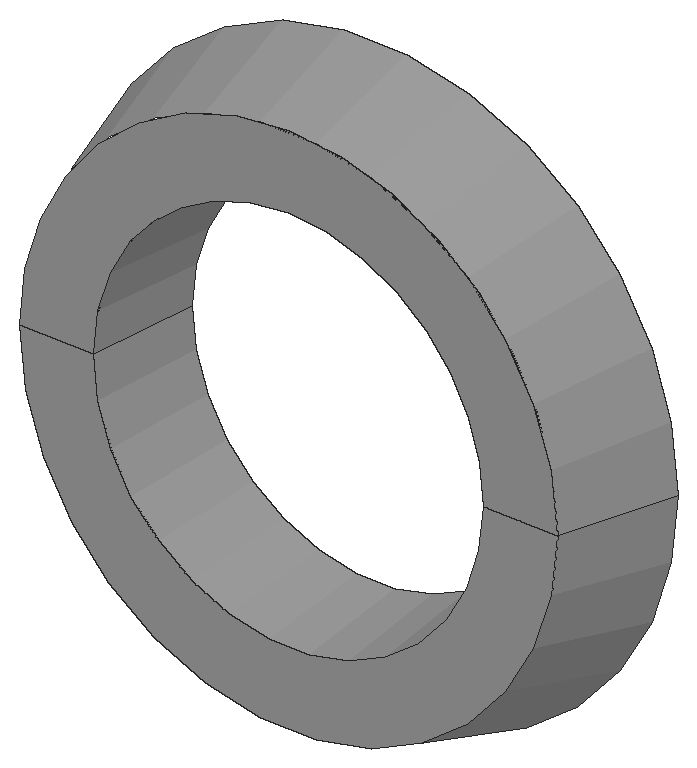
Revit family "VK464", category Sprinklers, Revit 2012
Parameters
  URL = "http://vikinggroupinc.com/databook/sprinklers/standard/qr/stcov/021606.pdf"
  Model = "VK464"
  Manufacturer = "Viking"
  K-Factor = 8
Reference planes (in)
  plane 1 "Center (Front/Back)": y = 0
  plane 2: z = 0
  plane 3 "Center (Left/Right)": x = 0
  plane 4 "Threads": y = -0.71224
Forms (in)
  Revolve 1, solid, material "Default"
    sketch origin (0, 0, 0) x (1, 0, 0) y (0, 1, 0)
      loop
        line (-0.52106, -0.84525) -> (-0.4637, -1.03286) -> (-0.33631, -1.03286) -> (-0.31659, -0.84525) -> (-0.52106, -0.84525)
      axis (0, -0.84525) -> (0, -1.03286)
    angle from 0 to 360
Dimensions and locks (in)
  aligned and locked: plane 2 to level
Connectors (in)
  piping at (0, -0.71224, 0)
    settings: index 1, connector radius 1", flow factor 0, pipe flow 0 GPM, pressure drop 0.00 psi, fitting loss kfactor 0, connector angle 0.00°, fixture units 0, engagement length 0' - 0", flow configuration 0, flow direction 0, fitting loss method 0, system type 7, joint type 0, gender type 0, connector reference index -1, connector utility 0, adjustable connector no, is connector primary yes, fitting loss table "", connector description ""
